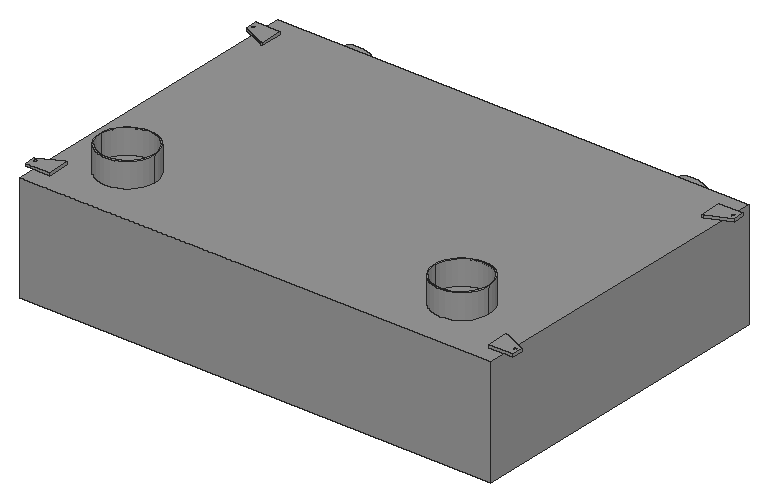
Revit family "Уні Макс_Eng", category Mechanical Equipment, Revit 2021
Family settings
  Round Connector Dimension = Use Diameter
  Classification = None
  Part Type = Normal
  Work Plane-Based = No
  Always vertical = Yes
  Cut with Voids When Loaded = No
  Shared = No
  Room Calculation Point = No
Parameters (values of type "Uni Max ERV А21")
  Width = B  # 790 mm
  Weight = 47.00 kg  # constant formula
  Voltage = 230 V  # constant formula
  Temperature of moving air = "–25…+40 °C"  # constant formula
  Sound pressure level at 3 m distance = "32 dBA"  # constant formula
  Pressure_Static_Air [instance] = 0.0 Pa
  Power = 58 W
  Number of Fase = 1  # constant formula
  Maximum Air Flow = 160.0 m³/h  # constant formula
  Load Classification = "HVAC"  # constant formula
  Length = A  # 1070 mm
  Height = H  # 251 mm
  Frequency = 50 Hz  # constant formula
  Filter = "F7/G4"  # constant formula
  Diameter = D  # 125 mm
  Default Elevation = 0 mm
  Description = "For round channels"  # constant formula
  UP = yes
  Manufacturer = "Vents"  # constant formula
  UP_Side = no
  Side = not(UP_Side)  # yes
  alfa = if(Side, 0.00°, 90.00°)  # 0.00°
  URL = "https://ventilation-system.com/series/uni-max"
  Lp = if(Side, 195 mm, 151 mm)  # 195 mm
  Grid Material = Grid_slot, steel, painted, white
  Dy = D - 4 mm  # 121 mm
  D = 125 mm  # constant formula
  Bp = if(UP_Side, 0 mm, 460 mm)  # 460 mm
  B = 790 mm  # constant formula
  Maintenance zone material = none
  H = 251 mm  # constant formula
  Casing Material = Metal, painted, white, matte
  B1 = B - 60 mm  # 730 mm
  Amperage = 0.5 A
  Air Flow [instance] = 0.0 m³/h
  A = 1070 mm  # constant formula
  09_System_Name [instance] = ""
  00_20_Type = "Uni Max ERV А21"
  00_20_Name = "Centralised ventilation unit"  # constant formula
  00_20_Manufacturer = "Vents"  # constant formula
Types (5, lengths in mm): name | Power | UP | UP_Side | Side | alfa | Lp | Grid Material | Bp | Amperage | 00_20_Type
  (no name) | 58 W | yes | no | yes | 0.00° | 195 | Grid_slot, steel, painted, white | 460 | 0.5 A | "Uni Max ERV А21"
  Uni Max А21 | 58 W | no | yes | no | 90.00° | 151 | Grid, painted, white | 0 | 0.5 A | "Uni Max А21"
  Uni Max Е А21 | 858 W | yes | no | yes | 0.00° | 195 | Grid_slot, steel, painted, white | 460 | 4 A | "Uni Max Е А21"
  Uni Max ERV А21 | 58 W | yes | no | yes | 0.00° | 195 | Grid_slot, steel, painted, white | 460 | 0.5 A | "Uni Max ERV А21"
  Uni Max Е ERV А21 | 858 W | yes | no | yes | 0.00° | 195 | Grid_slot, steel, painted, white | 460 | 4 A | "Uni Max Е ERV А21"
Reference planes
  plane 1 "По центру (Вперед/Назад)": y = 0
  plane 2: z = 0
  plane 3 "По центру (Влево/Вправо)": x = 0
  plane 4 "Vent": z = -101
  plane 5: z = -251
  plane 6 "Vent 1": x = -400
  plane 7 "Vent 2": x = 360
  plane 8 "vent 4": y = 230
  plane 9 "vent 5": y = -230
  plane 10: x = -535
  plane 11: x = 535
  plane 12 "присоединитель": y = -230
Forms (mm)
  Extrusion 1, solid, material "Metal, painted, white, matte" <- "Casing Material"
    sketch origin (0, 0, 0) x (1, 0, 0) y (0, 1, 0)
      loop
        line (-535, -365) -> (535, -365) -> (535, 365) -> (-535, 365) -> (-535, -365)
    from -251 to -6
  Extrusion 2, solid, material "Metal, painted, white, matte" <- "Casing Material", visible <- "Side"
    sketch origin (0, 30, 0) x (1, 0, 0) y (0, 0, -1)
      loop
        circle (-400, 101) r 62.5
      loop
        circle (-400, 101) r 60.5
      loop
        circle (360, 101) r 62.5
      loop
        circle (360, 101) r 60.5
    from 335 to 395
  Extrusion 3, solid, material "Metal, painted, white, matte" <- "Casing Material", visible <- "UP_Side"
    sketch origin (0, 0, 0) x (1, 0, 0) y (0, 1, 0)
      loop
        circle (-400, 230) r 62.5
      loop
        circle (-400, 230) r 60.5
      loop
        circle (360, 230) r 62.5
      loop
        circle (360, 230) r 60.5
    from -6 to 50
  Extrusion 4, solid, material "Metal, painted, white, matte" <- "Casing Material", visible <- "UP"
    sketch origin (0, 0, 0) x (1, 0, 0) y (0, 1, 0)
      loop
        circle (360, -230) r 62.5
      loop
        circle (360, -230) r 60.5
      loop
        circle (-400, -230) r 60.5
      loop
        circle (-400, -230) r 62.5
    from -6 to 50
Lines and regions (mm)
  Split face 1
    outline origin (535, -365, 0) x (0, 1, 0) y (0, 0, 1)
      loop
        line (165, -51) -> (165, -201) -> (565, -201) -> (565, -51) -> (165, -51)
  Split face 2
    outline origin (-535, 365, 0) x (0, -1, 0) y (0, 0, 1)
      loop
        line (165, -51) -> (165, -201) -> (565, -201) -> (565, -51) -> (165, -51)
  Split face 3
    outline origin (-535, -365, 0) x (1, 0, 0) y (0, 0, 1)
      loop
        line (335, -51) -> (335, -201) -> (735, -201) -> (735, -51) -> (335, -51)
  reference lines
    curve 1: line (360, 230, -101) -> (360, 425, -101)
    curve 2: line (-400, 230, -101) -> (-400, 425, -101)
Dimensions and locks
  equal spacing: Extrusion 1 sketch curve, plane 1 "По центру (Вперед/Назад)", Extrusion 1 sketch curve
  "B1": Extrusion 1 sketch curve to Extrusion 1 sketch curve
  equal spacing: Extrusion 1 sketch curve, plane 3 "По центру (Влево/Вправо)", Extrusion 1 sketch curve
  "A": Extrusion 1 sketch curve to Extrusion 1 sketch curve
  Extrusion 1 to Extrusion 2 = 790 mm
  locked: level to plane 4 "Vent" at 101
  "H": level to plane 5
  plane 8 "vent 4" to plane 1 "По центру (Вперед/Назад)" to plane 9 "vent 5" = 230 mm locked, 230 mm locked
  equal spacing: plane 10, plane 3 "По центру (Влево/Вправо)", plane 11
  "Length": plane 11 to plane 10
  plane 10 to plane 6 "Vent 1" = 135 mm
  plane 11 to plane 7 "Vent 2" = 175 mm
  "Bp": plane 8 "vent 4" to plane 12 "присоединитель"
  "Lp": curve 1 to curve 1
  "Lp": curve 2 to curve 2
  locked: nested 3 to plane 10 at 10
  locked: nested 4 to plane 10 at 10
  locked: plane 11 to nested 1 at 10
  locked: plane 11 to nested 2 at 10
  locked: nested 2 to plane 9 "vent 5" at 80
  locked: nested 1 to plane 8 "vent 4" at 80
  locked: nested 3 to plane 8 "vent 4" at 80
  locked: nested 4 to plane 12 "присоединитель" at 80
  "D": diameter of Extrusion 2 sketch curve  (x2)
  "Dy": diameter of Extrusion 2 sketch curve  (x2)
  "Dy": diameter of Extrusion 4 sketch curve  (x2)
  "D": diameter of Extrusion 4 sketch curve  (x2)
  "D": diameter of Extrusion 3 sketch curve  (x2)
  "Dy": diameter of Extrusion 3 sketch curve  (x2)
  "alfa": angle curve 1 to plane 4 "Vent"
  "alfa": angle curve 2 to plane 4 "Vent"
  aligned and locked: level to plane 2
  aligned and locked: Extrusion 2 to Extrusion 1
  aligned and locked: plane 4 "Vent" to Extrusion 2 sketch curve  (x4)
  aligned and locked: plane 5 to Extrusion 1
  aligned and locked: plane 6 "Vent 1" to Extrusion 2 sketch curve  (x2)
  aligned and locked: plane 7 "Vent 2" to Extrusion 2 sketch curve  (x2)
  aligned and locked: plane 8 "vent 4" to curve 1
  aligned and locked: plane 4 "Vent" to curve 1
  aligned and locked: plane 8 "vent 4" to curve 2
  aligned and locked: plane 4 "Vent" to curve 2
Automatic sketch dimensions
  Split face 1 sketch curve to Extrusion 1 = 165 mm  (x2)
  Split face 1 sketch curve to Extrusion 1 = 45 mm
  Split face 1 sketch curve to Extrusion 1 = 50 mm
  Split face 3 sketch curve to Extrusion 1 = 50 mm
  Split face 3 sketch curve to Extrusion 1 = 335 mm
  Split face 3 sketch curve to Split face 3 sketch curve = 400 mm
  Split face 3 sketch curve to Extrusion 1 = 45 mm
  Split face 2 sketch curve to Extrusion 1 = 50 mm
  Split face 2 sketch curve to Extrusion 1 = 165 mm  (x2)
  Split face 2 sketch curve to Extrusion 1 = 45 mm
  Extrusion 3 sketch curve to Extrusion 3 sketch curve = 0 mm  (x4)
  Extrusion 3 sketch curve to plane 6 "Vent 1" = 0 mm
  Extrusion 3 sketch curve to plane 7 "Vent 2" = 0 mm
  Extrusion 3 sketch curve to plane 8 "vent 4" = 0 mm  (x2)
  Extrusion 4 sketch curve to Extrusion 4 sketch curve = 0 mm  (x4)
  Extrusion 4 sketch curve to plane 6 "Vent 1" = 0 mm
  Extrusion 4 sketch curve to plane 7 "Vent 2" = 0 mm
  plane 9 "vent 5" to Extrusion 4 sketch curve = 0 mm  (x2)
Nested families
  nested 1: "Fastening" at (545, 310, -6), type "Fastening"
  nested 2: "Fastening" at (545, -310, -6), type "Fastening"
  nested 3: "Fastening" at (-545, 310, -6) x (-1, 0, 0) z (0, 0, 1), type "Fastening"
  nested 4: "Fastening" at (-545, -310, -6) x (-1, 0, 0) z (0, 0, 1), type "Fastening"
Connectors
  hvac at (360, -230, 50), driven by "D"
    settings: on Extrusion 4, index 1, duct flow 0.0 m³/h, flow factor 0, pres drop 0.0 Pa, loss coef 0, conn angle 0.00°, conn width 304.8 mm, conn height 304.8 mm, conn diameter 125 mm, duct sys type 3, conn prof type 0, flow config 0, flow direction 1, loss method 0, conn ref index -1, conn util no, is conn primary yes, conn desc ""
  hvac at (-400, -230, 50), driven by "D"
    settings: on Extrusion 4, index 2, duct flow 0.0 m³/h, flow factor 0, pres drop 0.0 Pa, loss coef 0, conn angle 0.00°, conn width 304.8 mm, conn height 304.8 mm, conn diameter 125 mm, duct sys type 1, conn prof type 0, flow config 0, flow direction 2, loss method 0, conn ref index -1, conn util no, is conn primary no, conn desc ""
  hvac at (360, 425, -101), driven by "D"
    settings: on curve 1, index 3, duct flow 0.0 m³/h, flow factor 0, pres drop 0.0 Pa, loss coef 0, conn angle 0.00°, conn width 304.8 mm, conn height 304.8 mm, conn diameter 125 mm, duct sys type 1, conn prof type 0, flow config 0, flow direction 1, loss method 0, conn ref index -1, conn util no, is conn primary no, conn desc ""
  hvac at (-400, 425, -101), driven by "D"
    settings: on curve 2, index 4, duct flow 0.0 m³/h, flow factor 0, pres drop 0.0 Pa, loss coef 0, conn angle 0.00°, conn width 304.8 mm, conn height 304.8 mm, conn diameter 125 mm, duct sys type 3, conn prof type 0, flow config 0, flow direction 2, loss method 0, conn ref index -1, conn util no, is conn primary no, conn desc ""
Definition of nested family "Fastening"
  Parameters (values of type "Крепление")
    Default Elevation = 0 mm
    material = none
  Reference planes
    plane 1 "По центру (Вперед/Назад)": y = 0
    plane 2: z = 0
    plane 3 "По центру (Влево/Вправо)": x = 0
  Forms (mm)
    Extrusion 1, solid, material <- "material"
      sketch origin (0, 0, 0) x (1, 0, 0) y (0, 1, 0)
        loop
          line (-46.646, 32.514) -> (-46.646, -17.486) -> (8.354, -17.486) -> (8.354, 7.514) -> (-41.646, 32.514) -> (-46.646, 32.514)
        loop
          circle (0, 0) r 3
      from 0 to 6
  Dimensions and locks
    aligned and locked: level to plane 2
